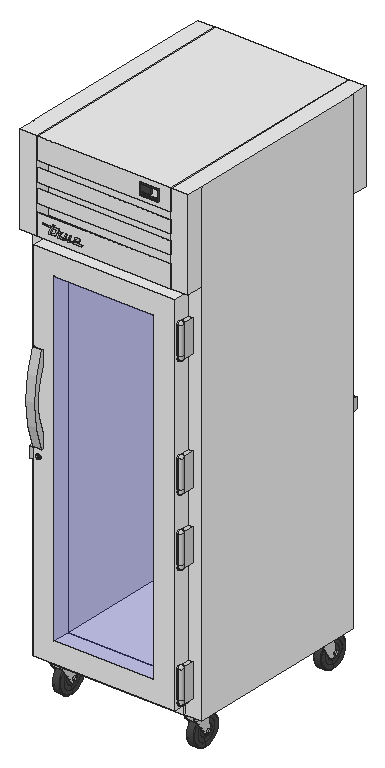
Revit family "QF_TRUE_STR1RPT-1G-1S-HC", category Specialty Equipment, Revit 2012 (continued)
Automatic sketch dimensions
  Revolve 50 sketch curve to Revolve 50 sketch curve = 0.55526"
  Revolve 50 sketch curve to Revolve 50 sketch curve = 0.19474"
  Revolve 50 sketch curve to Revolve 50 sketch curve = 0.14649"
  Revolve 50 sketch curve to Revolve 50 sketch curve = 4.42889"
  Revolve 50 sketch curve to Revolve 50 sketch curve = 0.05342"
  Revolve 50 sketch curve to Revolve 50 sketch curve = 0.51246"
  Revolve 50 sketch curve to Revolve 50 sketch curve = 0.05889"
  Extrusion 52 sketch curve to Extrusion 52 sketch curve = 0.20453"
  Extrusion 52 sketch curve to Extrusion 52 sketch curve = 0.43503"
  plane 6 to Extrusion 52 sketch curve = 27.92729"
  Extrusion 52 sketch curve to Extrusion 52 sketch curve = 4.39928"
  Extrusion 52 sketch curve to Extrusion 52 sketch curve = 0.71221"
  Revolve 53 sketch curve to Revolve 53 sketch curve = 0.38242"
  Revolve 53 sketch curve to Revolve 53 sketch curve = 0.38436"
  Revolve 53 sketch curve to Revolve 53 sketch curve = 0.02425"
  Revolve 53 sketch curve to Revolve 53 sketch curve = 0.40666"  (x2)
  Revolve 53 sketch curve to Revolve 53 sketch curve = 0"
  plane 6 to Revolve 53 sketch curve = 28.74508"
  Revolve 53 sketch curve to Revolve 53 sketch curve = 0.55526"
  Revolve 53 sketch curve to Revolve 53 sketch curve = 0.19474"
  Revolve 53 sketch curve to Revolve 53 sketch curve = 0.14649"
  Revolve 53 sketch curve to Revolve 53 sketch curve = 4.42889"
  Revolve 53 sketch curve to Revolve 53 sketch curve = 0.05342"
  Revolve 53 sketch curve to Revolve 53 sketch curve = 0.51246"
  Revolve 53 sketch curve to Revolve 53 sketch curve = 0.05889"
  Extrusion 55 sketch curve to Extrusion 55 sketch curve = 0.20453"
  Extrusion 55 sketch curve to Extrusion 55 sketch curve = 0.43503"
  plane 6 to Extrusion 55 sketch curve = 8.17729"
  plane 6 to Extrusion 55 sketch curve = 3.57348"
  Extrusion 55 sketch curve to Extrusion 55 sketch curve = 0.75105"
  Revolve 56 sketch curve to Revolve 56 sketch curve = 0.38242"
  Revolve 56 sketch curve to Revolve 56 sketch curve = 0.38436"
  Revolve 56 sketch curve to Revolve 56 sketch curve = 0.02425"
  Revolve 56 sketch curve to Revolve 56 sketch curve = 0.40666"  (x2)
  Revolve 56 sketch curve to Revolve 56 sketch curve = 0"
  plane 6 to Revolve 56 sketch curve = 8.99508"
  Revolve 56 sketch curve to Revolve 56 sketch curve = 0.55526"
  Revolve 56 sketch curve to Revolve 56 sketch curve = 0.19474"
  Revolve 56 sketch curve to Revolve 56 sketch curve = 0.14649"
  plane 6 to Revolve 56 sketch curve = 3.62689"
  Revolve 56 sketch curve to Revolve 56 sketch curve = 0.05342"
  Revolve 56 sketch curve to Revolve 56 sketch curve = 0.51246"
  Revolve 56 sketch curve to Revolve 56 sketch curve = 0.05889"
  Extrusion 3 sketch curve to Extrusion 3 sketch curve = 31"  (x2)
  Extrusion 3 sketch curve to Extrusion 3 sketch curve = 0.21659"
  Extrusion 25 sketch curve to Extrusion 25 sketch curve = 22.76936"
  Extrusion 31 sketch curve to Extrusion 31 sketch curve = 23.08888"
  Extrusion 34 sketch curve to Extrusion 34 sketch curve = 22.76936"
  Extrusion 35 sketch curve to Extrusion 35 sketch curve = 22.76936"
  Extrusion 40 sketch curve to Extrusion 40 sketch curve = 23.08888"
  Extrusion 46 sketch curve to plane 4 "FRONT" = 35.51521"
  Extrusion 46 sketch curve to Extrusion 46 sketch curve = 1.50065"
  Revolve 47 sketch curve to plane 4 "FRONT" = 35 15/16"
  Extrusion 49 sketch curve to plane 4 "FRONT" = 35.51521"
  Extrusion 49 sketch curve to Extrusion 49 sketch curve = 1.50065"
  Revolve 50 sketch curve to plane 4 "FRONT" = 35 15/16"
  Extrusion 52 sketch curve to plane 4 "FRONT" = 35.51521"
  Extrusion 52 sketch curve to Extrusion 52 sketch curve = 1.50065"
  Revolve 53 sketch curve to plane 4 "FRONT" = 35 15/16"
  Extrusion 55 sketch curve to plane 4 "FRONT" = 35.51521"
  Extrusion 55 sketch curve to Extrusion 55 sketch curve = 1.50065"
  Revolve 56 sketch curve to plane 4 "FRONT" = 35 15/16"
  plane 4 "FRONT" to Extrusion 7 sketch curve = 0.21185"  (x2)
  Extrusion 7 sketch curve to plane 4 "FRONT" = 0"  (x2)
  Extrusion 7 sketch curve to plane 4 "FRONT" = 9.47675"
  Extrusion 7 sketch curve to Extrusion 7 sketch curve = 7.78454"
  Extrusion 7 sketch curve to Extrusion 7 sketch curve = 2.37688"
  Extrusion 7 sketch curve to Extrusion 7 sketch curve = 0"
  plane 6 to Extrusion 7 sketch curve = 32 5/8"
  Extrusion 7 sketch curve to Extrusion 7 sketch curve = 4.87312"
  Extrusion 26 sketch curve to plane 6 = 0.63926"  (x2)
  Extrusion 26 sketch curve to plane 4 "FRONT" = 3.79864"
  Extrusion 26 sketch curve to plane 6 = 1.24411"
  Extrusion 26 sketch curve to Extrusion 26 sketch curve = 1/4"  (x2)
  Extrusion 26 sketch curve to Extrusion 26 sketch curve = 1.7492"  (x2)
  Extrusion 26 sketch curve to Extrusion 26 sketch curve = 0.50669"  (x2)
  Extrusion 26 sketch curve to Extrusion 26 sketch curve = 2 1/2"  (x2)
  Extrusion 26 sketch curve to Extrusion 26 sketch curve = 0.59966"  (x2)
  plane 8 to Extrusion 26 sketch curve = 6.82645"
  level to Extrusion 26 sketch curve = 2.59003"  (x2)
  Extrusion 26 sketch curve to Extrusion 26 sketch curve = 0.07363"  (x2)
  Extrusion 26 sketch curve to Extrusion 26 sketch curve = 0.60485"
  Extrusion 1 sketch curve to plane 2 "LEFT" = 0"
  plane 2 "LEFT" to Extrusion 1 sketch curve = 2 55/64"
  Extrusion 1 sketch curve to plane 4 "FRONT" = 2 3/4"
  plane 8 to Extrusion 1 sketch curve = 2 3/4"
  Extrusion 2 sketch curve to plane 3 "RIGHT" = 0"
  Extrusion 2 sketch curve to plane 3 "RIGHT" = 2 55/64"
  Extrusion 2 sketch curve to plane 4 "FRONT" = 2 3/4"
  plane 8 to Extrusion 2 sketch curve = 2 3/4"
  plane 4 "FRONT" to Extrusion 4 sketch curve = 0"
  Extrusion 4 sketch curve to plane 3 "RIGHT" = 2 55/64"
  Extrusion 4 sketch curve to plane 3 "RIGHT" = 3/64"
  Extrusion 4 sketch curve to Extrusion 4 sketch curve = 2 3/4"
  plane 4 "FRONT" to Extrusion 5 sketch curve = 0"
  plane 2 "LEFT" to Extrusion 5 sketch curve = 3/64"
  Extrusion 5 sketch curve to Extrusion 5 sketch curve = 2 13/16"
  Extrusion 5 sketch curve to Extrusion 5 sketch curve = 2 3/4"
  plane 2 "LEFT" to Extrusion 6 sketch curve = 2 9/32"
  Extrusion 6 sketch curve to Extrusion 6 sketch curve = 3 11/32"  (x3)
  Extrusion 6 sketch curve to plane 3 "RIGHT" = 5 5/8"
  Extrusion 6 sketch curve to plane 3 "RIGHT" = 2 9/32"
  plane 6 to Extrusion 6 sketch curve = 1 29/32"
  Extrusion 6 sketch curve to plane 5 "TOP" = 19 1/2"
  plane 2 "LEFT" to Extrusion 8 sketch curve = 3.04215"
  Extrusion 8 sketch curve to Extrusion 8 sketch curve = 0.02035"
  Extrusion 8 sketch curve to Extrusion 8 sketch curve = 0.0555"
  plane 6 to Extrusion 8 sketch curve = 30.95645"
  Extrusion 8 sketch curve to Extrusion 8 sketch curve = 0.29355"
  Extrusion 8 sketch curve to Extrusion 8 sketch curve = 0.27385"
  plane 2 "LEFT" to Extrusion 9 sketch curve = 3.68957"
  Extrusion 9 sketch curve to Extrusion 9 sketch curve = 0.10565"  (x5)
  Extrusion 9 sketch curve to Extrusion 9 sketch curve = 1.03891"
  Extrusion 9 sketch curve to Extrusion 9 sketch curve = 0.04606"
  Extrusion 9 sketch curve to Extrusion 9 sketch curve = 0.04025"
  Extrusion 9 sketch curve to Extrusion 9 sketch curve = 0.33624"
  Extrusion 9 sketch curve to Extrusion 9 sketch curve = 0.03034"  (x2)
  Extrusion 9 sketch curve to Extrusion 9 sketch curve = 0.29274"
  Extrusion 9 sketch curve to Extrusion 9 sketch curve = 0.03232"
  Extrusion 9 sketch curve to Extrusion 9 sketch curve = 0.08083"
  Extrusion 9 sketch curve to Extrusion 9 sketch curve = 0.1527"
  Extrusion 9 sketch curve to Extrusion 9 sketch curve = 0.19721"
  Extrusion 9 sketch curve to Extrusion 9 sketch curve = 0.4629"
  Extrusion 9 sketch curve to Extrusion 9 sketch curve = 0.02197"
  Extrusion 9 sketch curve to Extrusion 9 sketch curve = 0.12632"
  Extrusion 9 sketch curve to Extrusion 9 sketch curve = 0.18591"
  Extrusion 9 sketch curve to Extrusion 9 sketch curve = 0.2322"
  Extrusion 9 sketch curve to Extrusion 9 sketch curve = 0.13786"
  Extrusion 9 sketch curve to Extrusion 9 sketch curve = 0.00907"
  Extrusion 9 sketch curve to Extrusion 9 sketch curve = 0.01413"
  Extrusion 9 sketch curve to Extrusion 9 sketch curve = 0.37162"
  Extrusion 9 sketch curve to Extrusion 9 sketch curve = 0.12551"
  Extrusion 9 sketch curve to Extrusion 9 sketch curve = 0.07633"
  Extrusion 9 sketch curve to Extrusion 9 sketch curve = 0.08445"
  Extrusion 9 sketch curve to Extrusion 9 sketch curve = 0.25598"
  Extrusion 9 sketch curve to Extrusion 9 sketch curve = 0.01887"
  Extrusion 9 sketch curve to Extrusion 9 sketch curve = 0.04061"
  Extrusion 9 sketch curve to Extrusion 9 sketch curve = 0.0653"
  Extrusion 9 sketch curve to Extrusion 9 sketch curve = 0.08474"
  Extrusion 9 sketch curve to Extrusion 9 sketch curve = 0.00815"
  Extrusion 9 sketch curve to Extrusion 9 sketch curve = 0.22037"
  Extrusion 9 sketch curve to Extrusion 9 sketch curve = 0.21921"
  Extrusion 9 sketch curve to Extrusion 9 sketch curve = 0.11572"
  Extrusion 9 sketch curve to Extrusion 9 sketch curve = 0.46643"
  Extrusion 9 sketch curve to Extrusion 9 sketch curve = 0.00535"
  Extrusion 9 sketch curve to Extrusion 9 sketch curve = 0.09269"
  Extrusion 9 sketch curve to Extrusion 9 sketch curve = 0.09348"
  Extrusion 9 sketch curve to Extrusion 9 sketch curve = 0.14812"
  Extrusion 9 sketch curve to Extrusion 9 sketch curve = 0.07778"  (x3)
  Extrusion 9 sketch curve to Extrusion 9 sketch curve = 0.20054"
  Extrusion 9 sketch curve to Extrusion 9 sketch curve = 0.04325"
  Extrusion 9 sketch curve to Extrusion 9 sketch curve = 0.32433"
  Extrusion 9 sketch curve to Extrusion 9 sketch curve = 0.10233"  (x2)
  Extrusion 9 sketch curve to Extrusion 9 sketch curve = 0.16515"
  Extrusion 9 sketch curve to Extrusion 9 sketch curve = 0.27321"
  Extrusion 9 sketch curve to Extrusion 9 sketch curve = 0.0526"
  Extrusion 9 sketch curve to Extrusion 9 sketch curve = 0.10005"
  Extrusion 9 sketch curve to Extrusion 9 sketch curve = 0.06912"
  Extrusion 9 sketch curve to Extrusion 9 sketch curve = 0.13276"
  Extrusion 9 sketch curve to Extrusion 9 sketch curve = 0.17486"
  Extrusion 9 sketch curve to Extrusion 9 sketch curve = 0.05291"
  Extrusion 9 sketch curve to Extrusion 9 sketch curve = 0.53374"
  Extrusion 9 sketch curve to Extrusion 9 sketch curve = 0.09914"  (x2)
  Extrusion 9 sketch curve to Extrusion 9 sketch curve = 0.15992"
  Extrusion 9 sketch curve to Extrusion 9 sketch curve = 0.46666"
  Extrusion 9 sketch curve to Extrusion 9 sketch curve = 0.00582"
  Extrusion 9 sketch curve to Extrusion 9 sketch curve = 0.08216"
  Extrusion 9 sketch curve to Extrusion 9 sketch curve = 0.16397"
  Extrusion 9 sketch curve to Extrusion 9 sketch curve = 0.12601"
  Extrusion 9 sketch curve to Extrusion 9 sketch curve = 0.1363"
  Extrusion 9 sketch curve to Extrusion 9 sketch curve = 0.02323"
  Extrusion 9 sketch curve to Extrusion 9 sketch curve = 0.03844"
  Extrusion 9 sketch curve to Extrusion 9 sketch curve = 0.0454"
  Extrusion 9 sketch curve to Extrusion 9 sketch curve = 0.05693"
  Extrusion 9 sketch curve to Extrusion 9 sketch curve = 0.0917"
  Extrusion 9 sketch curve to Extrusion 9 sketch curve = 0.01902"
  Extrusion 9 sketch curve to Extrusion 9 sketch curve = 0.02191"
  Extrusion 9 sketch curve to Extrusion 9 sketch curve = 0.0347"
  Extrusion 9 sketch curve to Extrusion 9 sketch curve = 0.06385"
  Extrusion 9 sketch curve to Extrusion 9 sketch curve = 0.02906"
  Extrusion 9 sketch curve to Extrusion 9 sketch curve = 0.02851"
  Extrusion 9 sketch curve to Extrusion 9 sketch curve = 0.29237"
  Extrusion 9 sketch curve to Extrusion 9 sketch curve = 0.00537"
  Extrusion 9 sketch curve to Extrusion 9 sketch curve = 0.0406"
  Extrusion 9 sketch curve to Extrusion 9 sketch curve = 0.04327"
  Extrusion 9 sketch curve to Extrusion 9 sketch curve = 0.02615"
  Extrusion 9 sketch curve to Extrusion 9 sketch curve = 0.11806"
  Extrusion 9 sketch curve to Extrusion 9 sketch curve = 0.15103"
  Extrusion 9 sketch curve to Extrusion 9 sketch curve = 0.10007"
  Extrusion 9 sketch curve to Extrusion 9 sketch curve = 0.5254"
  Extrusion 9 sketch curve to Extrusion 9 sketch curve = 0.14787"
  Extrusion 9 sketch curve to plane 5 "TOP" = 13.64562"
  Extrusion 9 sketch curve to Extrusion 9 sketch curve = 0.07275"
  Extrusion 9 sketch curve to Extrusion 9 sketch curve = 0.05776"
  Extrusion 9 sketch curve to Extrusion 9 sketch curve = 0.08631"
  Extrusion 9 sketch curve to Extrusion 9 sketch curve = 0.09282"
  Extrusion 9 sketch curve to Extrusion 9 sketch curve = 0.13018"
  Extrusion 9 sketch curve to Extrusion 9 sketch curve = 0.16714"
  Extrusion 9 sketch curve to Extrusion 9 sketch curve = 0.11061"
  Extrusion 9 sketch curve to Extrusion 9 sketch curve = 0.06046"
  Extrusion 9 sketch curve to Extrusion 9 sketch curve = 0.16548"
  Extrusion 9 sketch curve to Extrusion 9 sketch curve = 0.14279"
  Extrusion 9 sketch curve to Extrusion 9 sketch curve = 0.0496"
  Extrusion 9 sketch curve to Extrusion 9 sketch curve = 0.07293"
  Extrusion 9 sketch curve to Extrusion 9 sketch curve = 0.07764"
  Extrusion 9 sketch curve to Extrusion 9 sketch curve = 0.03794"
  Extrusion 9 sketch curve to Extrusion 9 sketch curve = 0.08552"
  Extrusion 9 sketch curve to Extrusion 9 sketch curve = 0.09296"
  Extrusion 9 sketch curve to Extrusion 9 sketch curve = 0.09314"
  Extrusion 9 sketch curve to Extrusion 9 sketch curve = 0.02781"
  Extrusion 9 sketch curve to Extrusion 9 sketch curve = 0.04981"
  Extrusion 9 sketch curve to Extrusion 9 sketch curve = 0.09315"
  Extrusion 9 sketch curve to Extrusion 9 sketch curve = 0.04799"
  Extrusion 9 sketch curve to Extrusion 9 sketch curve = 0.02531"
  Extrusion 9 sketch curve to Extrusion 9 sketch curve = 0.03054"
  Extrusion 9 sketch curve to Extrusion 9 sketch curve = 0.2589"
  Extrusion 9 sketch curve to Extrusion 9 sketch curve = 0.0674"
  Extrusion 9 sketch curve to Extrusion 9 sketch curve = 0.0324"
  Extrusion 9 sketch curve to Extrusion 9 sketch curve = 0.26185"
  Extrusion 9 sketch curve to Extrusion 9 sketch curve = 11/256"
  Extrusion 9 sketch curve to Extrusion 9 sketch curve = 0.07366"
  Extrusion 9 sketch curve to Extrusion 9 sketch curve = 0.02187"
  Extrusion 9 sketch curve to Extrusion 9 sketch curve = 0.06479"
  Extrusion 9 sketch curve to Extrusion 9 sketch curve = 0.01183"
  Extrusion 9 sketch curve to Extrusion 9 sketch curve = 0.05778"
  Extrusion 9 sketch curve to Extrusion 9 sketch curve = 0.53375"
  Extrusion 9 sketch curve to Extrusion 9 sketch curve = 0.23098"
  Extrusion 9 sketch curve to Extrusion 9 sketch curve = 0"
  Extrusion 9 sketch curve to Extrusion 9 sketch curve = 0.05045"
  Extrusion 9 sketch curve to Extrusion 9 sketch curve = 0.09139"
  Extrusion 9 sketch curve to Extrusion 9 sketch curve = 29/128"  (x3)
  Extrusion 10 sketch curve to plane 3 "RIGHT" = 3 1/4"
  Extrusion 10 sketch curve to plane 5 "TOP" = 2 1/8"
  plane 2 "LEFT" to Blend 11 sketch curve = 2 9/32"
  Blend 11 sketch curve to Blend 11 sketch curve = 3/4"
  plane 6 to Blend 11 sketch curve = 32.17919"
  Blend 11 sketch curve to Blend 11 sketch curve = 1 3/4"
  Blend 11 sketch curve to plane 2 "LEFT" = 2 9/32"
  Blend 11 sketch curve to Blend 11 sketch curve = 0.93223"
  Blend 11 sketch curve to plane 6 = 29.8316"
  Blend 11 sketch curve to Blend 11 sketch curve = 2.78233"
  Extrusion 14 sketch curve to plane 3 "RIGHT" = 1.88366"
  Extrusion 14 sketch curve to Extrusion 14 sketch curve = 0.39759"
  Extrusion 14 sketch curve to plane 5 "TOP" = 19.6514"
  Extrusion 14 sketch curve to Extrusion 14 sketch curve = 4.47281"
  Extrusion 17 sketch curve to plane 3 "RIGHT" = 1.88366"
  Extrusion 17 sketch curve to Extrusion 17 sketch curve = 0.39759"
  plane 6 to Extrusion 17 sketch curve = 38.8486"
  Extrusion 17 sketch curve to Extrusion 17 sketch curve = 4.47281"
  Extrusion 20 sketch curve to plane 3 "RIGHT" = 1.88366"
  Extrusion 20 sketch curve to Extrusion 20 sketch curve = 0.39759"
  plane 6 to Extrusion 20 sketch curve = 27.8486"
  Extrusion 20 sketch curve to Extrusion 20 sketch curve = 4.47281"
  Extrusion 23 sketch curve to plane 3 "RIGHT" = 1.88366"
  Extrusion 23 sketch curve to Extrusion 23 sketch curve = 0.39759"
  plane 6 to Extrusion 23 sketch curve = 8.0986"
  plane 6 to Extrusion 23 sketch curve = 3.62579"
  Revolve 24 sketch curve to plane 3 "RIGHT" = 4.35148"
  Revolve 24 sketch curve to Revolve 24 sketch curve = 0.48273"
  Revolve 24 sketch curve to Revolve 24 sketch curve = 0.4"
  Revolve 24 sketch curve to Revolve 24 sketch curve = 0"  (x2)
  Revolve 24 sketch curve to Revolve 24 sketch curve = 0.1"  (x2)
  Revolve 24 sketch curve to Revolve 24 sketch curve = 0.16101"
  Revolve 24 sketch curve to Revolve 24 sketch curve = 0.75408"
  Revolve 24 sketch curve to Revolve 24 sketch curve = 0.92798"
  Revolve 24 sketch curve to Revolve 24 sketch curve = 0.06101"
  Revolve 24 sketch curve to Revolve 24 sketch curve = 1/2"
  Revolve 24 sketch curve to Revolve 24 sketch curve = 0.16509"
  Revolve 24 sketch curve to Revolve 24 sketch curve = 0.39592"
  level to Revolve 24 sketch curve = 2 1/2"
  Revolve 24 sketch curve to Revolve 24 sketch curve = 0.29941"  (x2)
  Revolve 24 sketch curve to Revolve 24 sketch curve = 3/4"  (x4)
  Revolve 24 sketch curve to Revolve 24 sketch curve = 0.59652"
  Revolve 24 sketch curve to Revolve 24 sketch curve = 0.60059"
  Revolve 27 sketch curve to plane 6 = 0.62954"
  Revolve 27 sketch curve to plane 3 "RIGHT" = 4.14082"
  Revolve 27 sketch curve to Revolve 27 sketch curve = 1.29707"
  Revolve 27 sketch curve to Revolve 27 sketch curve = 0"
  Revolve 27 sketch curve to Revolve 27 sketch curve = 0.10278"
  Revolve 27 sketch curve to plane 6 = 0"
  plane 6 to Revolve 27 sketch curve = 0.26768"
  Revolve 28 sketch curve to level = 0"
  Revolve 28 sketch curve to plane 6 = 0"
  Revolve 28 sketch curve to plane 3 "RIGHT" = 4.17713"
  level to Revolve 28 sketch curve = 1"
  Revolve 28 sketch curve to plane 3 "RIGHT" = 3 19/32"
  Revolve 28 sketch curve to Revolve 28 sketch curve = 1/4"
  Revolve 28 sketch curve to Revolve 28 sketch curve = 1/2"
  Revolve 28 sketch curve to Revolve 28 sketch curve = 0"
  Revolve 28 sketch curve to Revolve 28 sketch curve = 5/8"
  plane 6 to Revolve 28 sketch curve = 1 25/32"
  Revolve 29 sketch curve to level = 0"
  Revolve 29 sketch curve to plane 6 = 0"
  Revolve 29 sketch curve to plane 3 "RIGHT" = 4.17713"
  level to Revolve 29 sketch curve = 1"
  Revolve 29 sketch curve to plane 3 "RIGHT" = 3 19/32"
  Revolve 29 sketch curve to Revolve 29 sketch curve = 1/4"
  Revolve 29 sketch curve to Revolve 29 sketch curve = 1/2"
  Revolve 29 sketch curve to Revolve 29 sketch curve = 0"
  Revolve 29 sketch curve to Revolve 29 sketch curve = 5/8"
  plane 6 to Revolve 29 sketch curve = 1 25/32"
  Revolve 30 sketch curve to plane 6 = 0.62954"
  Revolve 30 sketch curve to plane 3 "RIGHT" = 4.14082"
  Revolve 30 sketch curve to Revolve 30 sketch curve = 1.29707"
  Revolve 30 sketch curve to Revolve 30 sketch curve = 0"
  Revolve 30 sketch curve to Revolve 30 sketch curve = 0.10278"
  Revolve 30 sketch curve to plane 6 = 0"
  plane 6 to Revolve 30 sketch curve = 0.26768"
  Revolve 32 sketch curve to plane 3 "RIGHT" = 4.35148"
  Revolve 32 sketch curve to Revolve 32 sketch curve = 0.48273"
  Revolve 32 sketch curve to Revolve 32 sketch curve = 0.4"
  Revolve 32 sketch curve to Revolve 32 sketch curve = 0"  (x2)
  Revolve 32 sketch curve to Revolve 32 sketch curve = 0.1"  (x2)
  Revolve 32 sketch curve to Revolve 32 sketch curve = 0.16101"
  Revolve 32 sketch curve to Revolve 32 sketch curve = 0.75408"
  Revolve 32 sketch curve to Revolve 32 sketch curve = 0.92798"
  Revolve 32 sketch curve to Revolve 32 sketch curve = 0.06101"
  Revolve 32 sketch curve to Revolve 32 sketch curve = 1/2"
  Revolve 32 sketch curve to Revolve 32 sketch curve = 0.16509"
  Revolve 32 sketch curve to Revolve 32 sketch curve = 0.39592"
  level to Revolve 32 sketch curve = 2 1/2"
  Revolve 32 sketch curve to Revolve 32 sketch curve = 0.29941"  (x2)
  Revolve 32 sketch curve to Revolve 32 sketch curve = 3/4"  (x4)
  Revolve 32 sketch curve to Revolve 32 sketch curve = 0.59652"
  Revolve 32 sketch curve to Revolve 32 sketch curve = 0.60059"
  plane 2 "LEFT" to Revolve 33 sketch curve = 1.33602"
  Revolve 33 sketch curve to Revolve 33 sketch curve = 0.48273"
  Revolve 33 sketch curve to Revolve 33 sketch curve = 0.4"
  Revolve 33 sketch curve to Revolve 33 sketch curve = 0"  (x2)
  Revolve 33 sketch curve to Revolve 33 sketch curve = 0.1"  (x2)
  Revolve 33 sketch curve to Revolve 33 sketch curve = 0.16101"
  Revolve 33 sketch curve to Revolve 33 sketch curve = 0.75408"
  Revolve 33 sketch curve to Revolve 33 sketch curve = 0.92798"
  Revolve 33 sketch curve to Revolve 33 sketch curve = 0.06101"
  Revolve 33 sketch curve to Revolve 33 sketch curve = 1/2"
  Revolve 33 sketch curve to Revolve 33 sketch curve = 0.16509"
  Revolve 33 sketch curve to Revolve 33 sketch curve = 0.39592"
  level to Revolve 33 sketch curve = 2 1/2"
  Revolve 33 sketch curve to Revolve 33 sketch curve = 0.29941"  (x2)
  Revolve 33 sketch curve to Revolve 33 sketch curve = 3/4"  (x4)
  Revolve 33 sketch curve to Revolve 33 sketch curve = 0.59652"
  Revolve 33 sketch curve to Revolve 33 sketch curve = 0.60059"
  Revolve 36 sketch curve to plane 6 = 0"
  Revolve 36 sketch curve to plane 6 = 0.62954"
  plane 2 "LEFT" to Revolve 36 sketch curve = 1.54668"
  Revolve 36 sketch curve to Revolve 36 sketch curve = 1.29707"
  Revolve 36 sketch curve to Revolve 36 sketch curve = 0"
  Revolve 36 sketch curve to Revolve 36 sketch curve = 0.10278"
  plane 6 to Revolve 36 sketch curve = 0.26768"
  Revolve 37 sketch curve to level = 0"
  Revolve 37 sketch curve to plane 6 = 0"
  plane 2 "LEFT" to Revolve 37 sketch curve = 1.51037"
  level to Revolve 37 sketch curve = 1"
  plane 2 "LEFT" to Revolve 37 sketch curve = 2 3/32"
  Revolve 37 sketch curve to Revolve 37 sketch curve = 1/4"
  Revolve 37 sketch curve to Revolve 37 sketch curve = 1/2"
  Revolve 37 sketch curve to Revolve 37 sketch curve = 0"
  Revolve 37 sketch curve to Revolve 37 sketch curve = 5/8"
  plane 6 to Revolve 37 sketch curve = 1 25/32"
  Revolve 38 sketch curve to level = 0"
  Revolve 38 sketch curve to plane 6 = 0"
  plane 2 "LEFT" to Revolve 38 sketch curve = 1.51037"
  level to Revolve 38 sketch curve = 1"
  plane 2 "LEFT" to Revolve 38 sketch curve = 2 3/32"
  Revolve 38 sketch curve to Revolve 38 sketch curve = 1/4"
  Revolve 38 sketch curve to Revolve 38 sketch curve = 1/2"
  Revolve 38 sketch curve to Revolve 38 sketch curve = 0"
  Revolve 38 sketch curve to Revolve 38 sketch curve = 5/8"
  plane 6 to Revolve 38 sketch curve = 1 25/32"
  Revolve 39 sketch curve to plane 6 = 0"
  Revolve 39 sketch curve to plane 6 = 0.62954"
  plane 2 "LEFT" to Revolve 39 sketch curve = 1.54668"
  Revolve 39 sketch curve to Revolve 39 sketch curve = 1.29707"
  Revolve 39 sketch curve to Revolve 39 sketch curve = 0"
  Revolve 39 sketch curve to Revolve 39 sketch curve = 0.10278"
  plane 6 to Revolve 39 sketch curve = 0.26768"
  plane 2 "LEFT" to Revolve 41 sketch curve = 1.33602"
  Revolve 41 sketch curve to Revolve 41 sketch curve = 0.48273"
  Revolve 41 sketch curve to Revolve 41 sketch curve = 0.4"
  Revolve 41 sketch curve to Revolve 41 sketch curve = 0"  (x2)
  Revolve 41 sketch curve to Revolve 41 sketch curve = 0.1"  (x2)
  Revolve 41 sketch curve to Revolve 41 sketch curve = 0.16101"
  Revolve 41 sketch curve to Revolve 41 sketch curve = 0.75408"
  Revolve 41 sketch curve to Revolve 41 sketch curve = 0.92798"
  Revolve 41 sketch curve to Revolve 41 sketch curve = 0.06101"
  Revolve 41 sketch curve to Revolve 41 sketch curve = 1/2"
  Revolve 41 sketch curve to Revolve 41 sketch curve = 0.16509"
  Revolve 41 sketch curve to Revolve 41 sketch curve = 0.39592"
  level to Revolve 41 sketch curve = 2 1/2"
  Revolve 41 sketch curve to Revolve 41 sketch curve = 0.29941"  (x2)
  Revolve 41 sketch curve to Revolve 41 sketch curve = 3/4"  (x4)
  Revolve 41 sketch curve to Revolve 41 sketch curve = 0.59652"
  Revolve 41 sketch curve to Revolve 41 sketch curve = 0.60059"
  plane 2 "LEFT" to Extrusion 42 sketch curve = 5 5/8"
  Extrusion 42 sketch curve to plane 3 "RIGHT" = 5 5/8"
  plane 6 to Extrusion 42 sketch curve = 5 1/4"
  Extrusion 42 sketch curve to plane 5 "TOP" = 19 1/2"
  plane 2 "LEFT" to Extrusion 43 sketch curve = 2 9/32"
  Extrusion 43 sketch curve to plane 3 "RIGHT" = 2 9/32"
  Extrusion 43 sketch curve to plane 5 "TOP" = 16 5/32"
  plane 6 to Extrusion 43 sketch curve = 1 29/32"
  plane 8 to Extrusion 44 sketch curve = 0"
  Extrusion 44 sketch curve to plane 3 "RIGHT" = 2 55/64"
  Extrusion 44 sketch curve to plane 3 "RIGHT" = 3/64"
  Extrusion 44 sketch curve to Extrusion 44 sketch curve = 2 3/4"
  plane 8 to Extrusion 45 sketch curve = 0"
  plane 2 "LEFT" to Extrusion 45 sketch curve = 3/64"
  Extrusion 45 sketch curve to Extrusion 45 sketch curve = 2 13/16"
  Extrusion 45 sketch curve to Extrusion 45 sketch curve = 2 3/4"
  plane 2 "LEFT" to Extrusion 48 sketch curve = 1.88366"
  Extrusion 48 sketch curve to Extrusion 48 sketch curve = 0.39759"
  Extrusion 48 sketch curve to plane 5 "TOP" = 19.6514"
  Extrusion 48 sketch curve to Extrusion 48 sketch curve = 4.47281"
  plane 2 "LEFT" to Extrusion 51 sketch curve = 1.88366"
  Extrusion 51 sketch curve to Extrusion 51 sketch curve = 0.39759"
  plane 6 to Extrusion 51 sketch curve = 38.8486"
  Extrusion 51 sketch curve to Extrusion 51 sketch curve = 4.47281"
  plane 2 "LEFT" to Extrusion 54 sketch curve = 1.88366"
  Extrusion 54 sketch curve to Extrusion 54 sketch curve = 0.39759"
  plane 6 to Extrusion 54 sketch curve = 27.8486"
  Extrusion 54 sketch curve to Extrusion 54 sketch curve = 4.47281"
  plane 2 "LEFT" to Extrusion 57 sketch curve = 1.88366"
  Extrusion 57 sketch curve to Extrusion 57 sketch curve = 0.39759"
  plane 6 to Extrusion 57 sketch curve = 8.0986"
  plane 6 to Extrusion 57 sketch curve = 3.62579"
  Extrusion 59 sketch curve to plane 3 "RIGHT" = 2.91715"
  Extrusion 59 sketch curve to Extrusion 59 sketch curve = 0.02035"
  Extrusion 59 sketch curve to Extrusion 59 sketch curve = 0.0555"
  plane 6 to Extrusion 59 sketch curve = 30.95645"
  Extrusion 59 sketch curve to Extrusion 59 sketch curve = 0.29355"
  Extrusion 59 sketch curve to Extrusion 59 sketch curve = 0.27385"
  Blend 60 sketch curve to plane 3 "RIGHT" = 2 9/32"  (x2)
  Blend 60 sketch curve to Blend 60 sketch curve = 3/4"
  plane 6 to Blend 60 sketch curve = 32.17919"
  Blend 60 sketch curve to Blend 60 sketch curve = 1 3/4"
  Blend 60 sketch curve to Blend 60 sketch curve = 0.93223"
  plane 6 to Blend 60 sketch curve = 32.61393"
  Blend 60 sketch curve to Blend 60 sketch curve = 2.78233"
  Extrusion 61 sketch curve to plane 5 "TOP" = 2.55982"
  Extrusion 61 sketch curve to plane 3 "RIGHT" = 7.75585"
  Extrusion 61 sketch curve to Extrusion 61 sketch curve = 2 29/32"
  Extrusion 61 sketch curve to plane 5 "TOP" = 13/16"
  Extrusion 62 sketch curve to plane 5 "TOP" = 3/4"
  Extrusion 62 sketch curve to plane 3 "RIGHT" = 7.81835"
  Extrusion 62 sketch curve to Extrusion 62 sketch curve = 1/16"  (x4)
  Extrusion 62 sketch curve to Extrusion 62 sketch curve = 0.1375"  (x2)
  Extrusion 62 sketch curve to Extrusion 62 sketch curve = 1/4"  (x4)
  Extrusion 62 sketch curve to Extrusion 62 sketch curve = 0.44601"
  Extrusion 62 sketch curve to Extrusion 62 sketch curve = 1/2"  (x2)
  Extrusion 62 sketch curve to Extrusion 62 sketch curve = 0.0035"
  Extrusion 62 sketch curve to Extrusion 62 sketch curve = 1.06923"
  Extrusion 62 sketch curve to plane 5 "TOP" = 0.95"
  Extrusion 62 sketch curve to Extrusion 62 sketch curve = 1"
  Extrusion 62 sketch curve to Extrusion 62 sketch curve = 0.34106"  (x3)
  Extrusion 62 sketch curve to Extrusion 62 sketch curve = 0"
  Extrusion 62 sketch curve to Extrusion 62 sketch curve = 0.26876"
  plane 4 "FRONT" to Extrusion 63 sketch curve = 0"
  plane 2 "LEFT" to Extrusion 63 sketch curve = 2.28012"
  Extrusion 63 sketch curve to plane 8 = 0"
  plane 2 "LEFT" to Extrusion 63 sketch curve = 2 9/32"
  Extrusion 63 sketch curve to plane 3 "RIGHT" = 2 9/32"
  Extrusion 63 sketch curve to plane 3 "RIGHT" = 2.28012"
  plane 2 "LEFT" to Extrusion 64 sketch curve = 2 27/32"
  Extrusion 64 sketch curve to plane 4 "FRONT" = 5 3/16"
  plane 2 "LEFT" to Extrusion 65 sketch curve = 2 27/32"
  plane 8 to Extrusion 65 sketch curve = 5.06602"
  Extrusion 66 sketch curve to plane 3 "RIGHT" = 2 27/32"
  plane 8 to Extrusion 66 sketch curve = 5.06602"
  Extrusion 67 sketch curve to plane 3 "RIGHT" = 2 27/32"
  Extrusion 67 sketch curve to plane 4 "FRONT" = 5 3/16"
  curve 1 to plane 2 "LEFT" = 0"
  plane 4 "FRONT" to curve 27 = 0"
  plane 8 to curve 28 = 0"
  curve 21 to plane 10 = 0"
  curve 3 to plane 3 "RIGHT" = 0"
  plane 2 "LEFT" to curve 10 = 1.20097"
  plane 2 "LEFT" to curve 6 = 1.41409"
  plane 2 "LEFT" to curve 27 = 2.28012"
  plane 2 "LEFT" to curve 28 = 2 9/32"
  curve 29 to curve 28 = 0"
  curve 9 to curve 11 = 1.08591"
  curve 27 to curve 21 = 0.03238"
  curve 5 to curve 6 = 1.08591"
  curve 28 to curve 9 = 1.41972"
  curve 21 to curve 22 = 1 1/2"
  plane 2 "LEFT" to curve 5 = 3.91409"
  plane 2 "LEFT" to curve 27 = 5.35331"
  curve 28 to plane 3 "RIGHT" = 5.35331"
  curve 13 to plane 3 "RIGHT" = 5.17844"
  curve 18 to plane 3 "RIGHT" = 5.17844"
  curve 17 to curve 19 = 1.08591"
  curve 13 to curve 15 = 1.08591"
  curve 17 to plane 3 "RIGHT" = 2.67844"
  curve 13 to plane 3 "RIGHT" = 2.67844"
  curve 27 to curve 2 = 2 9/32"
  curve 20 to curve 27 = 0"
  curve 25 to plane 4 "FRONT" = 2 3/4"
  curve 19 to plane 4 "FRONT" = 3.92849"
  curve 25 to curve 7 = 1.28257"
  curve 18 to curve 18 = 0.62695"
  curve 6 to curve 5 = 0.62695"
  plane 8 to curve 14 = 8.09243"
  plane 8 to curve 11 = 7.96938"
  curve 14 to curve 14 = 0.62695"
  curve 10 to curve 10 = 0.62695"
  curve 12 to curve 26 = 1.0123"
  curve 29 to plane 8 = 0"
  plane 8 to Extrusion 58 sketch curve = 0"  (x2)
  Extrusion 58 sketch curve to plane 3 "RIGHT" = 4 1/4"
  Extrusion 58 sketch curve to plane 3 "RIGHT" = 6.62735"
  Extrusion 58 sketch curve to plane 3 "RIGHT" = 11 1/2"  (x2)
  Extrusion 58 sketch curve to Extrusion 58 sketch curve = 2.37735"
  Extrusion 58 sketch curve to plane 8 = 0.21151"
  plane 8 to Extrusion 58 sketch curve = 9.5614"
  Extrusion 58 sketch curve to Extrusion 58 sketch curve = 7.69571"
  curve 30 to plane 8 = 0.21151"  (x2)
  curve 8 to curve 30 = 3.96312"
  curve 30 to curve 31 = 2.37735"
  curve 30 to plane 3 "RIGHT" = 11 1/2"
  curve 31 to curve 13 = 6.32156"
  curve 30 to curve 13 = 9.79163"
  curve 31 to curve 13 = 2.09592"
  curve 32 to curve 29 = 1.96988"
  radius of Extrusion 8 sketch curve = 0.35"
  radius of Extrusion 10 sketch curve = 1/4"
  radius of Extrusion 59 sketch curve = 0.35"
  radius of Extrusion 64 sketch curve = 1 1/2"
  radius of Extrusion 65 sketch curve = 1 1/2"
  radius of Extrusion 66 sketch curve = 1 1/2"
  radius of Extrusion 67 sketch curve = 1 1/2"
Connectors (in)
  electrical at (24.25, 2.48221, 82), driven by "Volts", driven by "Watts"
    settings: on Extrusion 10, index 1, voltage 115 V, apparent load 437 VA, apparent load phase1 0 VA, apparent load phase2 0 VA, apparent load phase3 0 VA, power factor 1, load classification "Other", number of poles 1, system type 30, power factor state 1, is connector primary yes, connector utility no, sub classification motor no, connector description "ELECTRICAL CONNECTION"
